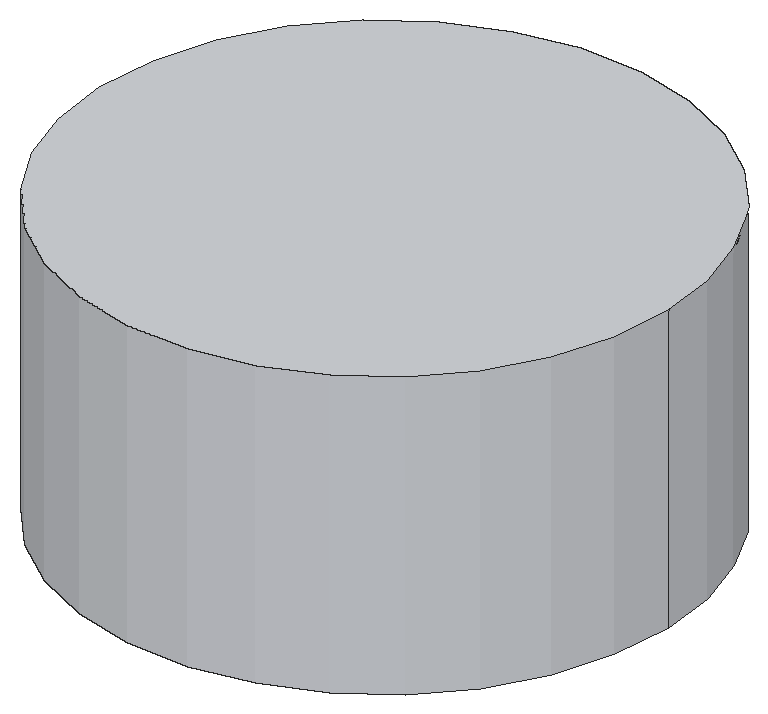
Revit family "07100800", category Specialty Equipment, Revit 2020
Family settings
  Round Connector Dimension = Use Diameter
  Part Type = Normal
  OmniClass Number = 23.40.40.14
  OmniClass Title = Food Service Equipment
  Work Plane-Based = No
  Always vertical = Yes
  Cut with Voids When Loaded = No
  Shared = No
  Room Calculation Point = No
Parameters (values of type "Standard")
  URL = "https://www.rustfriebergh.no/produkter/kj-lte-arbeidsbord/kj-lt-arbeidsbord-rbe"
  Model = "07100800"
  Manufacturer = "Rustfrie Bergh AS"
  Description = "Kjølt arbeidsbord RBE-800"
  Default Elevation = 0 mm
Reference planes
  plane 1 "Center (Front/Back)": y = 0
  plane 2: z = 0
  plane 3 "Center (Left/Right)": x = 0
Forms (mm)
  Extrusion 1, solid
    sketch origin (7576.771, 8934.782, 3122.83) x (0, 1, 0) y (1, 0, 0)
      loop
        circle (0, 0) r 3.048
    from 0 to -3.048
Dimensions and locks
  aligned and locked: level to plane 2
Connectors
  electrical at (7576.771, 8934.782, 3122.83)
    settings: on Extrusion 1, index 1, voltage 230 V, apparent load 370 VA, apparent load phase1 0 VA, apparent load phase2 0 VA, apparent load phase3 0 VA, power factor 0, load classification "Other", number of poles 1, system type 30, power factor state 1, is connector primary yes, connector utility no, sub classification motor no, connector description "230V 50 Hz 1,61A"
